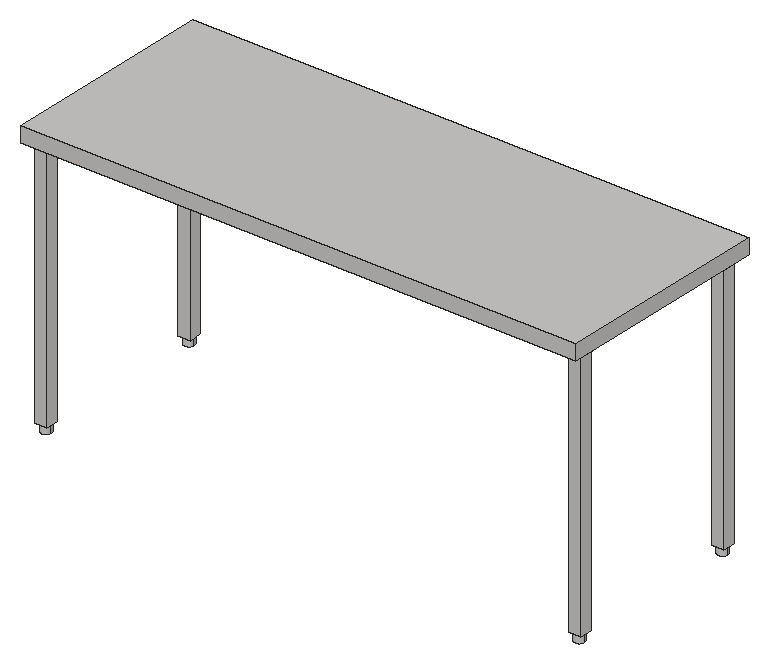
Revit family "QF_ZANUSSI_132843_WTD1807N", category Attrezzature speciali, Revit 2020
Family settings
  Quota connettore circolare = Usa diametro
  Tipo di parte = Normale
  Basato su piano di lavoro = No
  Sempre verticale = Sì
  Taglio con vuoti quando caricato = No
  Condiviso = No
  Punto di calcolo locali = No
Parameters (values of type "Standard")
  Weight = 57.00 kg
  Watts = 0 W
  Volts = 0 V
  URL Manufacturer = "http://www.zanussiprofessional.com"
  URL = "http://www.zanussiprofessional.com"
  Steam Supply Size = 0 mm
  Steam Supply Minimum Pressure = 0.0 Pa
  Steam Supply Maximum Pressure = 0.0 Pa
  Steam Consumption per Hour = 0
  Refrigeration Suction Line Size = 0.0 mm
  Refrigeration Liquid Line Size = 0.0 mm
  Refrigerant Compressor Remote = yes
  Prospetto di default = 0.0 mm
  Produttore = "Zanussi"
  Phase = 0
  Modello = "WTD1807N"
  Length Actual = 1800.0 mm  # constant formula
  Item Number = "132843"
  Hot Water Size = 0 mm
  Height Actual = 900.0 mm  # constant formula
  HP = "0 HP"
  Gas Size = 0 mm
  Gas KW = 0
  Gas Input Pressure = 0 W
  Direct Waste Size = 0 mm
  Descrizione = "WORK TABLE-DISASSEMBLED 1800MM"
  Depth Actual = 700.0 mm  # constant formula
  Cycle = 0 Hz
  Condensate Return Size = 0 mm
  Compressed Air Volume = 0.0 L/s
  Compressed Air Size = 0 mm
  Compressed Air Pressure = 0.0 Pa
  Cold Water Size = 0 mm
  Accessory = yes
Reference planes
  plane 1 "Center (Front/Back)": y = 0
  plane 2: z = 0
  plane 3 "Center (Left/Right)": x = -400
  plane 4 "LEFT": x = -1300
  plane 5 "RIGHT": x = 500
  plane 6 "BACK": y = 350
  plane 7 "FRONT": y = -350
  plane 8 "Base": z = 850
  plane 9 "TOP": z = 900
  plane 10: x = -1264.5
  plane 11: x = 464.5
  plane 12: y = 290
  plane 13: y = -290
Forms (mm)
  Extrusion 1, solid, material "QF_Finishes_Stainless Steel"
    sketch origin (-400, 0, 0) x (0, 1, 0) y (0, 0, 1)
      loop
        line (-350, 850) -> (350, 850) -> (350, 900) -> (-350, 900) -> (-350, 850)
    from 900 to -900
Lines and regions (mm)
  symbolic lines
    curve 1: line (500, 350, 900) -> (-1300, 350, 900)
    curve 2: line (-1300, 350, 900) -> (-1300, -350, 900)
    curve 3: line (-1300, -350, 900) -> (500, -350, 900)
    curve 4: line (500, -350, 900) -> (500, 350, 900)
Dimensions and locks
  plane 4 "LEFT" to plane 5 "RIGHT" = 1800.0 mm
  equal spacing: plane 4 "LEFT", plane 3 "Center (Left/Right)", plane 5 "RIGHT"
  locked: plane 8 "Base" to level at 850
  plane 4 "LEFT" to plane 10 = 35.5 mm
  plane 11 to plane 5 "RIGHT" = 35.5 mm
  plane 10 to plane 11 = 1729.0 mm
  locked: plane 9 "TOP" to level at 900
  plane 6 "BACK" to plane 12 = 60.0 mm
  plane 13 to plane 7 "FRONT" = 60.0 mm
  plane 6 "BACK" to plane 7 "FRONT" = 700.0 mm
  plane 12 to plane 13 = 580.0 mm
  equal spacing: plane 6 "BACK", plane 1 "Center (Front/Back)", plane 7 "FRONT"
  aligned and locked: level to plane 2
  aligned and locked: plane 10 to nested 1
  aligned and locked: nested 1 to plane 13
  aligned and locked: plane 11 to nested 2
  aligned and locked: nested 2 to plane 13
  aligned and locked: plane 11 to nested 4
  aligned and locked: nested 4 to plane 12
  aligned and locked: plane 10 to nested 3
  aligned and locked: nested 3 to plane 12
  aligned and locked: Extrusion 1 to plane 4 "LEFT"
  aligned and locked: plane 5 "RIGHT" to Extrusion 1
  aligned and locked: curve 2 to plane 4 "LEFT"
Automatic sketch dimensions
  Extrusion 1 sketch curve to plane 7 "FRONT" = 0.0 mm
  Extrusion 1 sketch curve to plane 8 "Base" = 0.0 mm
  curve 3 to plane 7 "FRONT" = 0.0 mm
  curve 4 to plane 6 "BACK" = 0.0 mm
  Extrusion 1 sketch curve to plane 9 "TOP" = 0.0 mm
  Extrusion 1 sketch curve to plane 6 "BACK" = 0.0 mm
  curve 4 to plane 5 "RIGHT" = 0.0 mm
Nested families
  nested 1: "FEET_40x40" at (-1264.5, -290, 0), type "FEET_40x40"
  nested 2: "FEET_40x40" at (464.5, -290, 0), type "FEET_40x40"
  nested 3: "FEET_40x40" at (-1264.5, 290, 0), type "FEET_40x40"
  nested 4: "FEET_40x40" at (464.5, 290, 0), type "FEET_40x40"
Definition of nested family "FEET_40x40"
  Parameters
    Default Elevation = 0.0 mm
    FEET = 850.0 mm
  Reference planes
    plane 1 "Center (Front/Back)": y = 0
    plane 2: z = 0
    plane 3 "Center (Left/Right)": x = 0
    plane 4: z = 850
  Forms (mm)
    Extrusion 1, solid
      sketch origin (0, 0, 0) x (1, 0, 0) y (0, 1, 0)
        loop
          line (-20, -20) -> (20, -20) -> (20, 20) -> (-20, 20) -> (-20, -20)
      from 25 to 845
    Extrusion 2, solid
      sketch origin (0, 0, 0) x (1, 0, 0) y (0, 1, 0)
        loop
          circle (0, 0) r 16
      from 0 to 25
    Extrusion 3, solid
      sketch origin (0, 0, 0) x (1, 0, 0) y (0, 1, 0)
        loop
          line (30, 30) -> (-30, 30) -> (-30, -30) -> (30, -30) -> (30, 30)
      from 845 to 850
  Lines and regions (mm)
    symbolic lines
      curve 1: line (0, -1.503, 0) -> (0, 1.508, 0)
      curve 2: line (1.561, 0, 0) -> (-1.439, 0, 0)
  Dimensions and locks
    "FEET": plane 4 to plane 2
    aligned and locked: level to plane 2
  Automatic sketch dimensions
    Extrusion 1 sketch curve to plane 3 "Center (Left/Right)" = 20.0 mm
    plane 3 "Center (Left/Right)" to Extrusion 1 sketch curve = 20.0 mm
    plane 1 "Center (Front/Back)" to Extrusion 1 sketch curve = 20.0 mm
    Extrusion 1 sketch curve to plane 1 "Center (Front/Back)" = 20.0 mm
    plane 1 "Center (Front/Back)" to Extrusion 2 sketch curve = 0.0 mm
    Extrusion 2 sketch curve to plane 3 "Center (Left/Right)" = 0.0 mm
    plane 3 "Center (Left/Right)" to Extrusion 3 sketch curve = 30.0 mm
    Extrusion 3 sketch curve to plane 1 "Center (Front/Back)" = 30.0 mm
    Extrusion 3 sketch curve to plane 3 "Center (Left/Right)" = 30.0 mm
    plane 1 "Center (Front/Back)" to Extrusion 3 sketch curve = 30.0 mm
    plane 1 "Center (Front/Back)" to curve 2 = 0.0 mm
    curve 1 to plane 3 "Center (Left/Right)" = 0.0 mm
    curve 2 to plane 3 "Center (Left/Right)" = 1.439 mm
    plane 3 "Center (Left/Right)" to curve 2 = 1.561 mm
    plane 1 "Center (Front/Back)" to curve 1 = 1.503 mm
    curve 1 to plane 1 "Center (Front/Back)" = 1.508 mm
    radius of Extrusion 2 sketch curve = 16.0 mm
